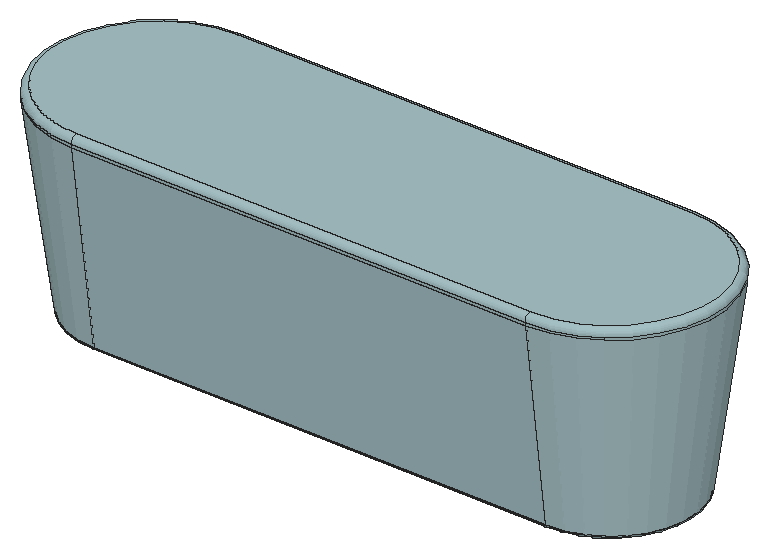
Revit family "revitupgrade", category Furniture, Revit 2025
Family settings
  OmniClass Number = 23.40.70.14.64.11
  OmniClass Title = Office Furniture
  Work Plane-Based = No
  Enable Cutting in Views = No
  Always vertical = Yes
  Cut with Voids When Loaded = No
  Render Appearance Source = Family Geometry
  Shared = No
  Room Calculation Point = No
Parameters (values of type "Straight Bench")
  Upholstery [instance] = SmithSystem_Fabric_Alphabet_Mediterranean
  URL = "https://www.steelcase.com/asia-en/products/education-desks-tables/flowform/"
  Style Number(s) = "SMSFS55004"
  Release Date = "June 2023"  # constant formula
  Manufacturer = "Smith System"  # constant formula
  Glide = SmithSystem_Plastic_Black
  Description = "Just like learning, furniture shouldn’t be forced.  Flowform® is refreshing in that way.  They feature deliberate organic shapes with soft radii and rounded edging."  # constant formula
  Default Elevation = 0.00 mm
  Copyright = "© 2010 Steelcase Inc."  # constant formula
  AutoCAD Tag = ""
  Assembly Code = "E2020200"
Reference planes
  plane 1 "Center Front/Back": y = 0
  plane 2: z = 0
  plane 3 "Center Left/Right": x = 0
  plane 4 "Left": x = -750.404
  plane 5 "Right": x = 750.404
Forms (mm)
  Blend 1, solid, material "SmithSystem_Fabric_Alphabet_Mediterranean" <- "Upholstery"
    base sketch origin (0, 0, 0) x (1, 0, 0) y (0, 1, 0)
      loop
        arc (-510.12, 240.285) -> (-750.404, 0.001) -> (-510.12, -240.283) r 240.284
        line (-510.12, -240.283) -> (509.904, -240.283)
        arc (509.904, -240.283) -> (750.188, 0.001) -> (509.904, 240.285) r 240.284
        line (509.904, 240.285) -> (-510.12, 240.285)
    top sketch origin (0, 0, 0) x (1, 0, 0) y (0, 1, 0)
      loop
        line (509.282, 180.153) -> (-508.831, 180.153)
        arc (-508.831, 180.153) -> (-689.74, -0.756) -> (-508.831, -181.665) r 180.909
        line (-508.831, -181.665) -> (509.282, -181.665)
        arc (509.282, -181.665) -> (690.191, -0.756) -> (509.282, 180.153) r 180.909
    from 441.687 to 13.829
  Sweep 2, solid, material "SmithSystem_Fabric_Alphabet_Mediterranean" <- "Upholstery"
    path origin (0, 0, 0) x (1, 0, 0) y (0, 1, 0)
      loop
        arc (-510.12, 240.285) -> (-750.404, 0.001) -> (-510.12, -240.283) r 240.284
        line (-510.12, -240.283) -> (509.904, -240.283)
        arc (509.904, -240.283) -> (750.188, 0.001) -> (509.904, 240.285) r 240.284
        line (509.904, 240.285) -> (-510.12, 240.285)
    profile origin (-0.108, 240.285, 0) x (0, 1, 0) y (0, 0, 1)
      loop
        line (0, 441.687) -> (0.776, 447.211)
        arc (0.776, 447.211) -> (-2.643, 458.755) -> (-13.599, 463.748) r 14.517
        line (-13.599, 463.748) -> (-17.089, 463.748) -> (-17.089, 441.687) -> (0, 441.687)
  Extrusion 3, solid, material "SmithSystem_Fabric_Alphabet_Mediterranean" <- "Upholstery"
    sketch origin (0, 0, 0) x (1, 0, 0) y (0, 1, 0)
      loop
        arc (-510.12, 223.196) -> (-733.315, 0.001) -> (-510.12, -223.195) r 223.195
        line (-510.12, -223.195) -> (509.904, -223.195)
        arc (509.904, -223.195) -> (733.099, 0.001) -> (509.904, 223.196) r 223.195
        line (509.904, 223.196) -> (-510.12, 223.196)
    from 441.684 to 463.748
  Sweep 4, solid, material "SmithSystem_Fabric_Alphabet_Mediterranean" <- "Upholstery"
    path origin (0, 0, 0) x (1, 0, 0) y (0, 1, 0)
      loop
        arc (-508.831, 180.153) -> (-689.74, -0.756) -> (-508.831, -181.665) r 180.909
        line (-508.831, -181.665) -> (509.282, -181.665)
        arc (509.282, -181.665) -> (690.191, -0.756) -> (509.282, 180.153) r 180.909
        line (509.282, 180.153) -> (-508.831, 180.153)
    profile origin (0.225, 180.153, 0) x (0, 1, 0) y (0, 0, 1)
      loop
        line (-9.801, 9.525) -> (-3.162, 9.525)
        arc (-3.162, 9.525) -> (-1.232, 10.247) -> (-0.249, 12.058) r 2.942
        line (-0.249, 12.058) -> (0, 13.829) -> (-9.801, 13.829) -> (-9.801, 9.525)
  Extrusion 5, solid, material "SmithSystem_Fabric_Alphabet_Mediterranean" <- "Upholstery"
    sketch origin (0, 0, 0) x (1, 0, 0) y (0, 1, 0)
      loop
        arc (-508.831, 170.352) -> (-679.939, -0.756) -> (-508.831, -171.864) r 171.108
        line (-508.831, -171.864) -> (509.282, -171.864)
        arc (509.282, -171.864) -> (680.39, -0.756) -> (509.282, 170.352) r 171.108
        line (509.282, 170.352) -> (-508.831, 170.352)
    from 9.525 to 13.829
  Extrusion 6, solid, material "SmithSystem_Plastic_Black" <- "Glide"
    sketch origin (0, 0, 0) x (1, 0, 0) y (0, 1, 0)
      loop
        circle (-444.798, 96.347) r 12.5
      loop
        circle (444.694, 96.347) r 12.5
      loop
        circle (444.694, -96.294) r 12.5
      loop
        circle (-444.798, -96.294) r 12.5
      loop
        circle (0, 0.037) r 12.5
    from 0 to 9.525
Cuts and joins
  joined: Sweep 2, Extrusion 3
  joined: Sweep 4, Extrusion 5
Lines and regions (mm)
  Masking region 1
    outline origin (0, 0, 0) x (1, 0, 0) y (0, 1, 0)
      loop
        arc (-510.12, 240.285) -> (-750.404, 0.001) -> (-510.12, -240.283) r 240.284
        line (-510.12, -240.283) -> (509.904, -240.283)
        arc (509.904, -240.283) -> (750.188, 0.001) -> (509.904, 240.285) r 240.284
        line (509.904, 240.285) -> (-510.12, 240.285)
Dimensions and locks
  aligned and locked: level to plane 2
  aligned and locked: Extrusion 6 to level
